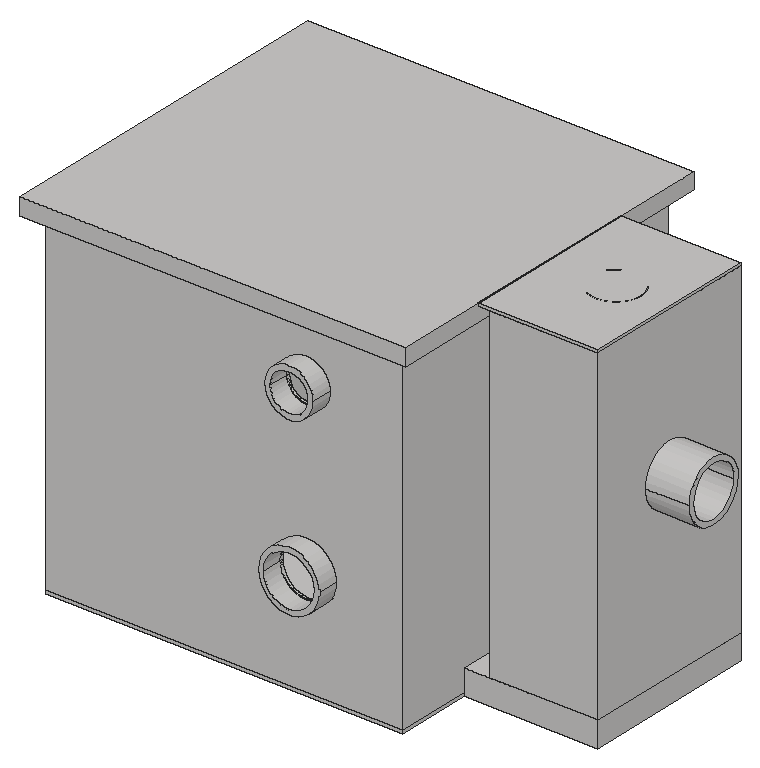
Revit family "Interceptor_Oil-Zurn-Z1186", category Plumbing Fixtures, Revit 2022
Family settings
  Round Connector Dimension = Use Radius
  Part Type = Normal
  OmniClass Number = 23.45.30.00
  OmniClass Title = Washing and Waste Disposal Equipment
  Work Plane-Based = No
  Always vertical = Yes
  Cut with Voids When Loaded = No
  Maintain Annotation Orientation = No
  Shared = No
  Room Calculation Point = No
Parameters (values of type "Z1186-400 (2 Inch 15 G.P.M)")
  Width of Body (G) = 14.125"
  Water Capacity Gal (L) = 9.000"
  Waste Connection = 1 = 1  # yes
  WFU = 1  # constant formula
  Vent Radius = 0.750"  # constant formula
  Vent Connection = 1 = 0  # no
  URL = "www.zurn.com"
  Sanitary Radius = 1.000"  # constant formula
  Product data url = "https://www.bimobject.com/en-in/zurnindustries/product/zurn-z1186"
  Product Page URL = "https://www.zurn.com/products/drainage-interceptors/interceptors/oils-and-solids-interceptor/z1186"
  Product Installation Sheet URL = "https://files.zurn.com/care-cleaning-install-warranty-sheets/it84.pdf"
  Product Documentation Link = "https://files.zurn.com/spec-sheets/z1186.pdf"
  Overall Length (F) = 22.750"
  Modified Date = "08/22/25"  # constant formula
  Model = "Z1186"  # constant formula
  Manufacurer Brand = "Zurn"  # constant formula
  Manufacturer = "Zurn Water, LLC"  # constant formula
  Main Material = Steel - Zurn - Fabricated - Acid resistant Coated
  Inlet/Outlet Diameter (Nominal) = 1.000"
  Inlet/Outlet Diameter (Actual) = 1.188"
  Inlet/Outlet Connetor Radius = 1.000"
  Inlet/Outlet (D/E) = 8.125"
  Height of Body (C) = 14.000"
  HWFU = 0  # constant formula
  HW Connection = 1 = 0  # no
  Extented Box Length = 7.000"  # constant formula
  Extension Box Width = 4.687"  # constant formula
  Dimension (M) = 4.375"
  Dimension (K) = 11.000"
  Dimension (H) = 10.750"
  Description = "OIL INTERCEPTOR"  # constant formula
  Default Elevation = 25.000"  # constant formula
  Date Created = "10/23/25"  # constant formula
  CWFU = 0  # constant formula
  CW Connection = 1 = 0  # no
  Assembly Code = "D2090300"
  Approx. Weight (Lbs) = 77.000"
Types (6): name | Width of Body (G) | Water Capacity Gal (L) | Overall Length (F) | Inlet/Outlet Diameter (Nominal) | Inlet/Outlet Diameter (Actual) | Inlet/Outlet Connetor Radius | Inlet/Outlet (D/E) | Height of Body (C) | Dimension (M) | Dimension (K) | Dimension (H) | Approx. Weight (Lbs)
  (no name) | 14.125" | 9.000" | 22.750" | 1.000" | 1.188" | 1.000" | 8.125" | 14.000" | 4.375" | 11.000" | 10.750" | 77.000"
  Z1186-400 (2 Inch 15 G.P.M) | 14.125" | 9.000" | 22.750" | 1.000" | 1.188" | 1.000" | 8.125" | 14.000" | 4.375" | 11.000" | 10.750" | 77.000"
  Z1186-500 (3 Inch 20 G.P.M) | 16.750" | 10.000" | 24.625" | 1.500" | 1.750" | 1.500" | 9.375" | 15.500" | 5.500" | 12.500" | 13.250" | 106.000"
  Z1186-600 (3 Inch 25 G.P.M) | 17.250" | 16.000" | 27.500" | 1.500" | 1.750" | 1.500" | 11.750" | 18.250" | 6.250" | 15.250" | 15.500" | 116.000"
  Z1186-700 (3 Inch 35 G.P.M) | 19.875" | 21.000" | 29.875" | 1.500" | 1.750" | 1.500" | 12.500" | 19.750" | 6.375" | 16.750" | 15.875" | 140.000"
  Z1186-800 (3 Inch 50 G.P.M) | 22.500" | 30.000" | 31.750" | 1.500" | 1.750" | 1.500" | 14.250" | 24.250" | 8.125" | 21.250" | 16.875" | 140.000"
Reference planes (in)
  plane 1 "Center (Front/Back)": y = 0
  plane 2: z = 0
  plane 3 "Center (Left/Right)": x = 0
  plane 4: x = -11.375
  plane 5: x = 11.375
  plane 6: z = -0.12525
  plane 7: z = -13.219
  plane 8: x = 4.2495
  plane 9: x = -9.5
  plane 10: z = 0.125
  plane 11: x = -10.1875
  plane 12: z = 0.656
  plane 13: z = -13.344
  plane 14: x = 4.9375
  plane 15: x = 9.6245
  plane 16: z = 0.56225
  plane 17: z = -12.344
  plane 18: x = 4.3745
  plane 19: z = -13.219
  plane 20: x = -9.625
  plane 21: x = 5.375
  plane 22: x = 7.5315
  plane 23: z = -5.219
  plane 24: z = -8.969
  plane 25: z = -2.344
  plane 26: x = 0.5625
  plane 27: z = -0.125
  plane 28: z = -13.094
  plane 29: x = 4.2495
  plane 30: x = -9.5
  plane 31: y = -14.125
  plane 32: y = -7.0625
  plane 33: y = -0.5625
  plane 34: y = -13.5625
  plane 35: y = -0.6875
  plane 36: y = -13.4375
  plane 37: y = -5.8745
  plane 38: z = -4.031
  plane 39: z = -6.407
  plane 40: y = -3.5625
  plane 41: y = -10.5625
  plane 42: y = -8.2505
  plane 43: y = -14.375
  plane 44: y = 0.25
  plane 45: x = -0.625
  plane 46: x = 1.75
  plane 47: x = -0.3875
  plane 48: x = 1.5125
  plane 49: z = -1.394
  plane 50: z = -3.294
  plane 51: z = -7.7815
  plane 52: z = -10.1565
Forms (in)
  Extrusion 1, solid, material "Steel - Zurn - Fabricated - Acid resistant Coated" <- "Main Material", detail levels fine
    sketch origin (0, 0, -13.344) x (1, 0, 0) y (0, 0, 1)
      loop
        line (-10.1875, 14) -> (-10.1875, 13.344) -> (4.9375, 13.344) -> (4.9375, 14) -> (-10.1875, 14)
    from 0 to 14.125
  Extrusion 2, solid, material "Steel - Zurn - Fabricated - Acid resistant Coated" <- "Main Material", detail levels fine
    sketch origin (11.125, 0, -11.9065) x (1, 0, 0) y (0, 1, 0)
      loop
        line (-5.75, -3.5625) -> (-5.75, -10.5625) -> (-1.5005, -10.5625) -> (-1.5005, -3.5625) -> (-5.75, -3.5625)
    from -0.4375 to 12.46875
  Extrusion 3, solid, material "Steel - Zurn - Fabricated - Acid resistant Coated" <- "Main Material", detail levels fine
    sketch origin (0, 0, -13.344) x (0, 1, 0) y (0, 0, 1)
      loop
        circle (-7.0625, 8.125) r 1.188
    from -11.375 to -9.625
  Extrusion 4, solid, material "Steel - Zurn - Fabricated - Acid resistant Coated" <- "Main Material", detail levels fine
    sketch origin (2.6255, -1.53679, -13.344) x (1, 0, 0) y (0, 0, 1)
      loop
        line (1.749, 1) -> (1.749, 0) -> (6.999, 0) -> (6.999, 1) -> (1.749, 1)
    from 2.02571 to 9.02571
  Extrusion 5, void, detail levels fine
    sketch origin (0, 0, -13.344) x (1, 0, 0) y (0, 0, 1)
      loop
        line (-9.5, 13.21875) -> (-9.5, 0.125) -> (4.2495, 0.125) -> (4.2495, 13.21875) -> (-9.5, 13.21875)
    from 0.6875 to 13.4375
  Extrusion 6, solid, material "Steel - Zurn - Fabricated - Acid resistant Coated" <- "Main Material", detail levels fine
    sketch origin (-27.24362, -180, -5.094) x (-1, 0, 0) y (0, -1, 0)
      loop
        circle (-34.77512, -172.9375) r 1
    from 5.094 to 5.75
  Extrusion 7, solid, material "Steel - Zurn - Fabricated - Acid resistant Coated" <- "Main Material", detail levels fine
    sketch origin (0, -14.125, -13.344) x (1, 0, 0) y (0, 0, 1)
      loop
        line (4.9375, 14) -> (4.9375, 13.90625) -> (9.6245, 13.90625) -> (9.6245, 14) -> (4.9375, 14)
    from -10.5625 to -3.5625
  Extrusion 8, solid, material "Steel - Zurn - Fabricated - Acid resistant Coated" <- "Main Material", detail levels fine
    sketch origin (0, -14.125, -13.344) x (1, 0, 0) y (0, 0, 1)
      loop
        circle (0.5625, 11) r 0.95
    from -14.375 to 0.25
  Extrusion 9, solid, material "Steel - Zurn - Fabricated - Acid resistant Coated" <- "Main Material", detail levels fine
    sketch origin (0, -14.125, -13.344) x (1, 0, 0) y (0, 0, 1)
      loop
        circle (0.5625, 4.375) r 1.1875
    from -14.375 to 0.25
  Extrusion 10, solid, material "Steel - Zurn - Fabricated - Acid resistant Coated" <- "Main Material", detail levels fine
    sketch origin (0, -14.125, -13.344) x (1, 0, 0) y (0, 0, 1)
      loop
        line (-9.625, 0.125) -> (-9.625, 0) -> (4.3745, 0) -> (4.3745, 0.125) -> (-9.625, 0.125)
    from -0.5625 to -13.5625
  Extrusion 11, solid, material "Steel - Zurn - Fabricated - Acid resistant Coated" <- "Main Material", detail levels fine
    sketch origin (0, -14.125, -13.344) x (1, 0, 0) y (0, 0, 1)
      loop
        line (-9.625, 13.344) -> (-9.625, 0.125) -> (4.3745, 0.125) -> (4.3745, 13.344) -> (-9.625, 13.344)
    from -0.5625 to -13.5625
  Extrusion 12, void, detail levels fine
    sketch origin (0, 0, 0) x (1, 0, 0) y (0, 1, 0)
      loop
        line (-9.5, -0.6875) -> (-9.5, -13.4375) -> (4.2495, -13.4375) -> (4.2495, -0.6875) -> (-9.5, -0.6875)
    from -13.094 to -0.125
  Extrusion 13, solid, material "Steel - Zurn - Fabricated - Acid resistant Coated" <- "Main Material", detail levels fine
    sketch origin (0, 0, -13.344) x (0, 1, 0) y (0, 0, -1)
      loop
        circle (-7.063, -8.125) r 1.188
    from -11.375 to -9.625
  Extrusion 14, void, detail levels fine
    sketch origin (0, 0, 0) x (0, 1, 0) y (0, 0, 1)
      loop
        circle (-7.063, -5.219) r 1
    from 9.6245 to 11.375
  Extrusion 15, void, detail levels fine
    sketch origin (0, 0, 0) x (0, 1, 0) y (0, 0, 1)
      loop
        circle (-7.063, -5.219) r 1
    from -11.375 to -9.625
  Extrusion 16, void, detail levels fine
    sketch origin (0, 0, 0) x (1, 0, 0) y (0, 0, 1)
      loop
        circle (0.5625, -2.344) r 0.75
    from -0.25 to 14.375
  Extrusion 17, void, detail levels fine
    sketch origin (0, 0, 0) x (1, 0, 0) y (0, 0, 1)
      loop
        circle (0.5625, -8.969) r 1
    from -0.25 to 14.375
Cuts and joins
  Extrusion 12, Extrusion 14, Extrusion 15, Extrusion 16, Extrusion 17 cuts Extrusion 11
  Extrusion 5, Extrusion 16 cuts Extrusion 8
  Extrusion 5, Extrusion 17 cuts Extrusion 9
  Extrusion 5 cuts Extrusion 10
  Extrusion 12 cuts Extrusion 1
  Extrusion 14, Extrusion 15 cuts Extrusion 2
  Extrusion 14, Extrusion 15 cuts Extrusion 13
  Extrusion 15 cuts Extrusion 3
Lines and regions (in)
  Masking region 1, detail levels fine
    outline origin (-13.68806, -180, -8.969) x (-1, 0, 0) y (0, -1, 0)
      loop
        line (-2.31306, -174.1255) -> (-2.31306, -171.7495) -> (-3.50056, -171.7495) -> (-3.50056, -165.875) -> (-13.06306, -165.875) -> (-13.06306, -165.625) -> (-15.43806, -165.625) -> (-15.43806, -165.875) -> (-18.62556, -165.875) -> (-18.62556, -169.4375) -> (-23.31256, -169.4375) -> (-23.31256, -171.7495) -> (-25.06306, -171.7495) -> (-25.06306, -174.1255) -> (-23.31256, -174.1255) -> (-23.31256, -176.4375) -> (-18.62556, -176.4375) -> (-18.62556, -180) -> (-15.43806, -180) -> (-15.43806, -180.25) -> (-13.06306, -180.25) -> (-13.06306, -180) -> (-3.50056, -180) -> (-3.50056, -174.1255) -> (-2.31306, -174.1255)
  model lines, detail levels coarse+medium
    curve 1: line (-10.1875, 0, 0.656) -> (9.6245, 0, 0.656)
    curve 2: line (-10.1875, -14.125, 0.656) -> (9.6245, -14.125, 0.656)
    curve 3: line (-10.1875, 0, 0.656) -> (-10.1875, -14.125, 0.656)
    curve 4: line (9.6245, 0, 0.656) -> (9.6245, -14.125, 0.656)
    curve 5: line (-10.1875, -7.0625, 0.656) -> (9.6245, -7.0625, 0.656)
    curve 6: line (-10.1875, -7.0625, 0.656) -> (-10.1875, -7.0625, 0)
    curve 7: line (-10.1875, -7.0625, 0) -> (-9.625, -7.0625, 0)
    curve 8: line (-9.625, -7.0625, 0) -> (-9.625, -7.0625, -13.344)
    curve 9: line (-9.625, -7.0625, -13.344) -> (9.6245, -7.0625, -13.344)
    curve 10: line (9.6245, -7.0625, 0.656) -> (9.6245, -7.0625, -13.344)
    curve 11: line (-11.375, -7.0625, -5.219) -> (11.375, -7.0625, -5.219)
    curve 12: line (11.375, -5.8745, -5.219) -> (11.375, -8.2505, -5.219)
    curve 13: line (11.375, -7.0625, -4.031) -> (11.375, -7.0625, -6.407)
    curve 14: line (-11.375, -7.0625, -4.031) -> (-11.375, -7.0625, -6.407)
    curve 15: line (-11.375, -5.8745, -5.219) -> (-11.375, -8.2505, -5.219)
    curve 16: line (0.5625, 0.25, -2.344) -> (0.5625, -14.375, -2.344)
    curve 17: line (0.5625, 0.25, -8.969) -> (0.5625, -14.375, -8.969)
    curve 18: line (-0.3875, 0.25, -2.344) -> (1.5125, 0.25, -2.344)
    curve 19: line (-0.3875, -14.375, -2.344) -> (1.5125, -14.375, -2.344)
    curve 20: line (-0.625, -14.375, -8.969) -> (1.75, -14.375, -8.969)
    curve 21: line (-0.625, 0.25, -8.969) -> (1.75, 0.25, -8.969)
    curve 22: line (0.5625, 0.25, -1.394) -> (0.5625, 0.25, -3.294)
    curve 23: line (0.5625, -14.375, -1.394) -> (0.5625, -14.375, -3.294)
    curve 24: line (0.5625, -14.375, -7.7815) -> (0.5625, -14.375, -10.1565)
    curve 25: line (0.5625, 0.25, -7.7815) -> (0.5625, 0.25, -10.1565)
  symbolic lines, detail levels coarse+medium
    curve 26: line (-10.1875, -7.0625, 0.656) -> (9.6245, -7.0625, 0.656)
    curve 27: line (-10.1875, -7.0625, 0.656) -> (-10.1875, -7.0625, 0)
    curve 28: line (-10.1875, -7.0625, 0) -> (-9.625, -7.0625, 0)
    curve 29: line (-9.625, -7.0625, 0) -> (-9.625, -7.0625, -13.344)
    curve 30: line (-9.625, -7.0625, -13.344) -> (9.6245, -7.0625, -13.344)
    curve 31: line (9.6245, -7.0625, 0.656) -> (9.6245, -7.0625, -13.344)
    curve 32: line (-11.375, -7.0625, -5.219) -> (11.375, -7.0625, -5.219)
    curve 33: line (11.375, -7.0625, -4.031) -> (11.375, -7.0625, -6.407)
    curve 34: line (-11.375, -7.0625, -4.031) -> (-11.375, -7.0625, -6.407)
    curve 35: line (0.5625, -7.0625, 0.656) -> (0.5625, -7.0625, -13.344)
    curve 36: line (-0.3875, -7.0625, -2.344) -> (1.5125, -7.0625, -2.344)
    curve 37: line (-0.625, -7.0625, -8.969) -> (1.75, -7.0625, -8.969)
    curve 38: line (0.5625, 0, 0.656) -> (0.5625, -14.125, 0.656)
    curve 39: line (0.5625, -0.5625, 0) -> (0.5625, -0.5625, -13.344)
    curve 40: line (0.5625, -13.5625, 0) -> (0.5625, -13.5625, -13.344)
    curve 41: line (0.5625, -14.125, 0.656) -> (0.5625, -14.125, 0)
    curve 42: line (0.5625, -14.125, 0) -> (0.5625, -13.5625, 0)
    curve 43: line (0.5625, 0, 0.656) -> (0.5625, 0, 0)
    curve 44: line (0.5625, 0, 0) -> (0.5625, -0.5625, 0)
    curve 45: line (0.5625, -0.5625, -13.344) -> (0.5625, -13.5625, -13.344)
    curve 46: line (0.5625, 0.25, -8.969) -> (0.5625, -14.375, -8.969)
    curve 47: line (0.5625, 0.25, -2.344) -> (0.5625, -14.375, -2.344)
    curve 48: line (0.5625, 0.25, -1.394) -> (0.5625, 0.25, -3.294)
    curve 49: line (0.5625, -14.375, -1.394) -> (0.5625, -14.375, -3.294)
    curve 50: line (0.5625, -14.375, -7.7815) -> (0.5625, -14.375, -10.1565)
    curve 51: line (0.5625, 0.25, -7.7815) -> (0.5625, 0.25, -10.1565)
    curve 52: line (0.5625, -5.8745, -5.219) -> (0.5625, -8.2505, -5.219)
    curve 53: line (0.5625, -7.0625, 0.656) -> (0.5625, -7.0625, -13.344)
    curve 54: line (4.9375, 0, -8.969) -> (4.9375, -3.5625, -8.969)
    curve 55: line (4.9375, -3.5625, -8.969) -> (9.6245, -3.5625, -8.969)
    curve 56: line (9.6245, -3.5625, -8.969) -> (9.6245, -5.8745, -8.969)
    curve 57: line (9.6245, -8.2505, -8.969) -> (9.6245, -10.5625, -8.969)
    curve 58: line (11.375, -5.8745, -8.969) -> (11.375, -8.2505, -8.969)
    curve 59: line (9.6245, -5.8745, -8.969) -> (11.375, -5.8745, -8.969)
    curve 60: line (9.6245, -8.2505, -8.969) -> (11.375, -8.2505, -8.969)
    curve 61: line (4.9375, -10.5625, -8.969) -> (9.6245, -10.5625, -8.969)
    curve 62: line (4.9375, -10.5625, -8.969) -> (4.9375, -14.125, -8.969)
    curve 63: line (-10.1875, -14.125, -8.969) -> (-0.625, -14.125, -8.969)
    curve 64: line (-0.625, -14.125, -8.969) -> (-0.625, -14.375, -8.969)
    curve 65: line (1.75, -14.125, -8.969) -> (1.75, -14.375, -8.969)
    curve 66: line (-0.625, -14.375, -8.969) -> (1.75, -14.375, -8.969)
    curve 67: line (-10.1875, -8.2505, -8.969) -> (-10.1875, -14.125, -8.969)
    curve 68: line (-11.375, -5.8745, -8.969) -> (-11.375, -8.2505, -8.969)
    curve 69: line (-10.1875, 0, -8.969) -> (-10.1875, -5.8745, -8.969)
    curve 70: line (-10.1875, 0, -8.969) -> (-0.625, 0, -8.969)
    curve 71: line (-0.625, 0.25, -8.969) -> (-0.625, 0, -8.969)
    curve 72: line (1.75, 0.25, -8.969) -> (1.75, 0, -8.969)
    curve 73: line (-0.625, 0.25, -8.969) -> (1.75, 0.25, -8.969)
    curve 74: circle (7.5315, -7.0625, -8.969) r 1 normal (0, 0, 1)
    curve 75: line (1.75, -14.125, -8.969) -> (4.9375, -14.125, -8.969)
    curve 76: line (1.75, 0, -8.969) -> (4.9375, 0, -8.969)
    curve 77: line (-11.375, -5.8745, -8.969) -> (-10.1875, -5.8745, -8.969)
    curve 78: line (-11.375, -8.2505, -8.969) -> (-10.1875, -8.2505, -8.969)
Dimensions and locks (in)
  equal spacing: plane 5, plane 3 "Center (Left/Right)", plane 4
  "Overall Length (F)": plane 5 to plane 4
  plane 11 to plane 4 = 1.1875"
  locked: plane 12 to level at 0.656
  "Height of Body (C)": plane 12 to plane 13
  "Extension Box Width": plane 15 to plane 14
  plane 12 to plane 16 = 0.09375"
  plane 17 to plane 13 = 1.000"
  plane 19 to plane 13 = 0.125"
  plane 22 to plane 14 = 2.594"
  "Inlet/Outlet (D/E)": plane 23 to plane 13
  "Dimension (M)": plane 24 to plane 13
  "Dimension (K)": plane 25 to plane 13
  "Dimension (H)": plane 26 to plane 11
  plane 20 to plane 11 = 0.5625"
  plane 14 to plane 18 = 0.563"
  plane 5 to plane 15 = 1.7505"
  plane 30 to plane 20 = 0.125"
  level to plane 27 = 0.125"
  plane 28 to plane 19 = 0.125"
  plane 4 to plane 5 = 22.750"
  "Width of Body (G)": plane 31 to plane 1 "Center (Front/Back)"
  equal spacing: plane 31, plane 32, plane 1 "Center (Front/Back)"
  plane 18 to plane 29 = 0.125"
  plane 36 to plane 34 = 0.125"
  plane 33 to plane 35 = 0.125"  (x2)
  "Width of Body (G)": plane 1 "Center (Front/Back)" to plane 31
  "Inlet/Outlet Diameter (Actual)": plane 37 to plane 32
  "Inlet/Outlet Diameter (Actual)": plane 38 to plane 23
  "Inlet/Outlet Diameter (Actual)": plane 23 to plane 39
  plane 40 to plane 32 = 3.500"
  plane 32 to plane 41 = 3.500"
  "Extented Box Length": plane 40 to plane 41
  "Inlet/Outlet Diameter (Actual)": plane 42 to plane 32
  plane 41 to plane 40 = 7.000"
  plane 43 to plane 34 = 0.8125"
  plane 33 to plane 44 = 0.8125"
  plane 21 to plane 14 = 0.4375"
  locked: plane 34 to plane 31 at 0.5625
  locked: plane 1 "Center (Front/Back)" to plane 33 at 0.5625
  plane 47 to plane 26 = 0.950"
  plane 45 to plane 26 = 1.1875"
  plane 26 to plane 48 = 0.950"
  plane 26 to plane 46 = 1.1875"
  plane 49 to plane 25 = 0.950"
  plane 25 to plane 50 = 0.950"
  plane 51 to plane 24 = 1.1875"
  plane 24 to plane 52 = 1.1875"
  "Inlet/Outlet Diameter (Actual)": radius of Extrusion 3 sketch curve
  "Inlet/Outlet Diameter (Actual)": radius of Extrusion 13 sketch curve
  "Inlet/Outlet Diameter (Nominal)": radius of Extrusion 14 sketch curve
  "Inlet/Outlet Diameter (Nominal)": radius of Extrusion 15 sketch curve
  radius of Extrusion 8 sketch curve = 0.950"
  radius of Extrusion 9 sketch curve = 1.1875"
  radius of Extrusion 16 sketch curve = 0.750"
  radius of Extrusion 17 sketch curve = 1.000"
  aligned and locked: plane 2 to level
  aligned and locked: Extrusion 5 sketch curve to plane 6
  aligned and locked: plane 9 to Extrusion 5 sketch curve
  aligned and locked: plane 7 to Extrusion 5 sketch curve
  aligned and locked: Extrusion 5 sketch curve to plane 8
  aligned and locked: plane 12 to Extrusion 1  (x2)
  aligned and locked: Extrusion 1 to plane 11  (x2)
  aligned and locked: plane 14 to Extrusion 1  (x2)
  aligned and locked: plane 12 to Extrusion 7
  aligned and locked: Extrusion 7 to plane 16
  aligned and locked: Extrusion 6 to level
  aligned and locked: plane 17 to Extrusion 4  (x2)
  aligned and locked: plane 15 to Extrusion 4  (x4)
  aligned and locked: plane 18 to cut or joined group of Extrusion 11, Extrusion 12, Extrusion 14, Extrusion 15, Extrusion 16, Extrusion 17  (x3)
  aligned and locked: Extrusion 4 to plane 18  (x2)
  aligned and locked: plane 18 to cut or joined group of Extrusion 5, Extrusion 10  (x2)
  aligned and locked: plane 19 to cut or joined group of Extrusion 5, Extrusion 10  (x2)
  aligned and locked: cut or joined group of Extrusion 5, Extrusion 10 to plane 13
  aligned and locked: Extrusion 4 to plane 13
  aligned and locked: cut or joined group of Extrusion 11, Extrusion 12, Extrusion 14, Extrusion 15, Extrusion 16, Extrusion 17 to plane 19
  aligned and locked: Extrusion 1 to level
  aligned and locked: Extrusion 7 to plane 14  (x2)
  aligned and locked: plane 15 to Extrusion 7  (x2)
  aligned and locked: plane 12 to Extrusion 6
  aligned and locked: level to Extrusion 6
  aligned and locked: Extrusion 11 sketch curve to level
  aligned and locked: plane 20 to Extrusion 11 sketch curve
  aligned and locked: Extrusion 11 sketch curve to plane 18
  aligned and locked: plane 19 to Extrusion 11 sketch curve
  aligned and locked: plane 31 to Extrusion 1
  aligned and locked: Extrusion 1 to plane 1 "Center (Front/Back)"
  aligned and locked: plane 22 to Extrusion 6 sketch curve
  aligned and locked: plane 32 to Extrusion 6 sketch curve
  aligned and locked: plane 34 to cut or joined group of Extrusion 11, Extrusion 12, Extrusion 14, Extrusion 15, Extrusion 16, Extrusion 17
  aligned and locked: plane 33 to cut or joined group of Extrusion 11, Extrusion 12, Extrusion 14, Extrusion 15, Extrusion 16, Extrusion 17
  aligned and locked: cut or joined group of Extrusion 5, Extrusion 10 to plane 20  (x2)
  aligned and locked: Extrusion 12 sketch curve to plane 29
  aligned and locked: plane 36 to Extrusion 12 sketch curve
  aligned and locked: plane 30 to Extrusion 12 sketch curve
  aligned and locked: Extrusion 12 sketch curve to plane 35
  aligned and locked: cut or joined group of Extrusion 11, Extrusion 12, Extrusion 14, Extrusion 15, Extrusion 16, Extrusion 17 to plane 28
  aligned and locked: plane 27 to cut or joined group of Extrusion 11, Extrusion 12, Extrusion 14, Extrusion 15, Extrusion 16, Extrusion 17
  aligned and locked: plane 32 to Extrusion 3 sketch curve
  aligned and locked: plane 23 to Extrusion 3 sketch curve
  aligned and locked: plane 23 to Extrusion 13 sketch curve
  aligned and locked: plane 23 to Extrusion 14 sketch curve
  aligned and locked: Extrusion 14 to Extrusion 2
  aligned and locked: plane 5 to Extrusion 14
  aligned and locked: Extrusion 3 to cut or joined group of Extrusion 11, Extrusion 12, Extrusion 14, Extrusion 15, Extrusion 16, Extrusion 17
  aligned and locked: plane 23 to Extrusion 15 sketch curve
  aligned and locked: Extrusion 3 to Extrusion 15
  aligned and locked: Extrusion 15 to plane 4
  aligned and locked: plane 40 to Extrusion 7
  aligned and locked: Extrusion 7 to plane 41
  aligned and locked: plane 40 to Extrusion 4  (x2)
  aligned and locked: Extrusion 4 to plane 41
  aligned and locked: cut or joined group of Extrusion 2, Extrusion 14, Extrusion 15 to plane 41
  aligned and locked: plane 40 to cut or joined group of Extrusion 2, Extrusion 14, Extrusion 15
  aligned and locked: plane 44 to cut or joined group of Extrusion 5, Extrusion 8, Extrusion 16
  aligned and locked: cut or joined group of Extrusion 5, Extrusion 8, Extrusion 16 to plane 43
  aligned and locked: cut or joined group of Extrusion 5, Extrusion 9, Extrusion 17 to plane 43
  aligned and locked: plane 44 to cut or joined group of Extrusion 5, Extrusion 9, Extrusion 17
  aligned and locked: plane 26 to Extrusion 8 sketch curve
  aligned and locked: plane 25 to Extrusion 8 sketch curve
  aligned and locked: plane 26 to Extrusion 9 sketch curve
  aligned and locked: plane 24 to Extrusion 9 sketch curve
  aligned and locked: plane 5 to cut or joined group of Extrusion 13, Extrusion 14, Extrusion 15
  aligned and locked: cut or joined group of Extrusion 3, Extrusion 15 to plane 4
  aligned and locked: cut or joined group of Extrusion 2, Extrusion 14, Extrusion 15 to plane 21
  aligned and locked: plane 15 to cut or joined group of Extrusion 2, Extrusion 14, Extrusion 15
  aligned and locked: plane 16 to cut or joined group of Extrusion 2, Extrusion 14, Extrusion 15
  aligned and locked: cut or joined group of Extrusion 2, Extrusion 14, Extrusion 15 to plane 17
  aligned and locked: plane 26 to Extrusion 16 sketch curve
  aligned and locked: plane 25 to Extrusion 16 sketch curve
  aligned and locked: plane 26 to Extrusion 17 sketch curve
  aligned and locked: plane 24 to Extrusion 17 sketch curve
  aligned and locked: cut or joined group of Extrusion 5, Extrusion 8, Extrusion 16 to Extrusion 16  (x2)
  aligned and locked: Extrusion 17 to cut or joined group of Extrusion 5, Extrusion 8, Extrusion 16
  aligned and locked: cut or joined group of Extrusion 5, Extrusion 9, Extrusion 17 to Extrusion 17
  aligned and locked: plane 33 to cut or joined group of Extrusion 5, Extrusion 10
  aligned and locked: cut or joined group of Extrusion 5, Extrusion 10 to plane 34
  aligned and locked: plane 11 to curve 1
  aligned and locked: plane 15 to curve 1
  aligned and locked: plane 1 "Center (Front/Back)" to curve 1
  aligned and locked: cut or joined group of Extrusion 1, Extrusion 12 to plane 31
  aligned and locked: plane 31 to curve 3
  aligned and locked: plane 1 "Center (Front/Back)" to curve 4
  aligned and locked: plane 31 to curve 4
  aligned and locked: plane 11 to curve 5
  aligned and locked: curve 5 to plane 32
  aligned and locked: plane 15 to curve 5
  aligned and locked: plane 12 to curve 6
  aligned and locked: level to curve 8
  aligned and locked: plane 4 to curve 11
  aligned and locked: plane 5 to curve 11
  aligned and locked: curve 11 to plane 23
  aligned and locked: plane 37 to curve 12
  aligned and locked: plane 42 to curve 12
  aligned and locked: curve 12 to plane 23
  aligned and locked: plane 38 to curve 13
  aligned and locked: plane 39 to curve 13
  aligned and locked: curve 13 to plane 5
  aligned and locked: plane 38 to curve 14
  aligned and locked: plane 39 to curve 14
  aligned and locked: curve 14 to plane 4
  aligned and locked: plane 37 to curve 15
  aligned and locked: plane 42 to curve 15
  aligned and locked: curve 15 to plane 23
  aligned and locked: plane 44 to curve 16
  aligned and locked: curve 17 to plane 24
  aligned and locked: curve 16 to plane 25
  aligned and locked: plane 47 to curve 18
  aligned and locked: plane 48 to curve 18
  aligned and locked: curve 18 to plane 44
  aligned and locked: plane 47 to curve 19
  aligned and locked: plane 48 to curve 19
  aligned and locked: curve 19 to plane 43
  aligned and locked: plane 45 to curve 20
  aligned and locked: plane 46 to curve 20
  aligned and locked: plane 45 to curve 21
  aligned and locked: curve 21 to plane 44
  aligned and locked: plane 49 to curve 22
  aligned and locked: plane 50 to curve 22
  aligned and locked: plane 44 to curve 22
  aligned and locked: plane 49 to curve 23
  aligned and locked: plane 50 to curve 23
  aligned and locked: plane 43 to curve 23
  aligned and locked: plane 51 to curve 24
  aligned and locked: plane 52 to curve 24
  aligned and locked: plane 43 to curve 24
  aligned and locked: plane 51 to curve 25
  aligned and locked: plane 52 to curve 25
  aligned and locked: plane 44 to curve 25
  aligned and locked: curve 27 to plane 11
  aligned and locked: plane 11 to curve 28
  aligned and locked: curve 28 to level
  aligned and locked: curve 29 to plane 20
  aligned and locked: plane 20 to curve 30
  aligned and locked: plane 15 to curve 30
  aligned and locked: curve 30 to plane 13
  aligned and locked: curve 31 to plane 15
  aligned and locked: curve 32 to plane 23
  aligned and locked: plane 38 to curve 34
  aligned and locked: plane 39 to curve 34
  aligned and locked: curve 34 to plane 4
  aligned and locked: plane 38 to curve 33
  aligned and locked: plane 39 to curve 33
  aligned and locked: curve 33 to plane 5
  aligned and locked: plane 12 to curve 35
  aligned and locked: plane 13 to curve 35
  aligned and locked: curve 35 to plane 26
  aligned and locked: plane 47 to curve 36
  aligned and locked: plane 48 to curve 36
  aligned and locked: curve 36 to plane 25
  aligned and locked: plane 45 to curve 37
  aligned and locked: plane 46 to curve 37
  aligned and locked: curve 37 to plane 24
  aligned and locked: plane 31 to curve 38
  aligned and locked: curve 38 to plane 12
  aligned and locked: level to curve 41
  aligned and locked: plane 34 to curve 42
  aligned and locked: plane 31 to curve 42
  aligned and locked: curve 43 to plane 1 "Center (Front/Back)"
  aligned and locked: plane 1 "Center (Front/Back)" to curve 44
  aligned and locked: plane 33 to curve 44
  aligned and locked: curve 44 to level
  aligned and locked: level to curve 39
  aligned and locked: plane 13 to curve 39
  aligned and locked: level to curve 40
  aligned and locked: plane 33 to curve 45
  aligned and locked: plane 34 to curve 45
  aligned and locked: plane 44 to curve 46
  aligned and locked: plane 43 to curve 46
  aligned and locked: curve 46 to plane 24
  aligned and locked: plane 43 to curve 47
  aligned and locked: curve 47 to plane 25
  aligned and locked: plane 37 to curve 52
  aligned and locked: plane 42 to curve 52
  aligned and locked: curve 52 to plane 23
  aligned and locked: plane 51 to curve 51
  aligned and locked: plane 52 to curve 51
  aligned and locked: plane 44 to curve 51
  aligned and locked: plane 50 to curve 48
  aligned and locked: plane 49 to curve 48
  aligned and locked: plane 44 to curve 48
  aligned and locked: plane 49 to curve 49
  aligned and locked: plane 50 to curve 49
  aligned and locked: plane 43 to curve 49
  aligned and locked: plane 51 to curve 50
  aligned and locked: plane 52 to curve 50
  aligned and locked: plane 43 to curve 50
  aligned and locked: plane 12 to curve 53
  aligned and locked: plane 13 to curve 53
  aligned and locked: plane 32 to curve 53
  aligned and locked: Masking region 1 sketch curve to cut or joined group of Extrusion 3, Extrusion 15
  aligned and locked: Masking region 1 sketch curve to cut or joined group of Extrusion 5, Extrusion 9, Extrusion 17  (x2)
  aligned and locked: cut or joined group of Extrusion 13, Extrusion 14, Extrusion 15 to Masking region 1 sketch curve
  aligned and locked: Masking region 1 sketch curve to Extrusion 7  (x2)
  aligned and locked: plane 1 "Center (Front/Back)" to Masking region 1 sketch curve
  aligned and locked: plane 11 to Masking region 1 sketch curve  (x2)
  aligned and locked: plane 37 to Masking region 1 sketch curve  (x2)
  aligned and locked: plane 42 to Masking region 1 sketch curve  (x2)
  aligned and locked: plane 31 to Masking region 1 sketch curve
  aligned and locked: Masking region 1 sketch curve to plane 14  (x2)
  aligned and locked: Masking region 1 sketch curve to plane 15  (x2)
  aligned and locked: Masking region 1 sketch curve to plane 45
  aligned and locked: Masking region 1 sketch curve to plane 46
  aligned and locked: plane 22 to curve 74
  aligned and locked: plane 32 to curve 74
  aligned and locked: plane 11 to curve 70
  aligned and locked: plane 45 to curve 70
  aligned and locked: plane 1 "Center (Front/Back)" to curve 70
  aligned and locked: plane 1 "Center (Front/Back)" to curve 71
  aligned and locked: plane 44 to curve 72
  aligned and locked: curve 72 to plane 46
  aligned and locked: plane 14 to curve 55
  aligned and locked: plane 15 to curve 55
  aligned and locked: curve 55 to plane 40
  aligned and locked: plane 1 "Center (Front/Back)" to curve 54
  aligned and locked: curve 54 to plane 14
  aligned and locked: plane 40 to curve 56
  aligned and locked: plane 37 to curve 56
  aligned and locked: plane 15 to curve 59
  aligned and locked: plane 37 to curve 69
  aligned and locked: plane 42 to curve 67
  aligned and locked: plane 11 to curve 63
  aligned and locked: curve 63 to plane 31
  aligned and locked: plane 31 to curve 64
  aligned and locked: curve 64 to plane 45
  aligned and locked: plane 43 to curve 65
  aligned and locked: curve 65 to plane 46
  aligned and locked: curve 66 to plane 43
  aligned and locked: plane 14 to curve 75
  aligned and locked: curve 75 to plane 31
  aligned and locked: plane 31 to curve 62
  aligned and locked: plane 41 to curve 62
  aligned and locked: plane 15 to curve 61
  aligned and locked: plane 14 to curve 61
  aligned and locked: plane 42 to curve 57
  aligned and locked: plane 41 to curve 57
  aligned and locked: plane 15 to curve 60
  aligned and locked: plane 5 to curve 60
  aligned and locked: plane 42 to curve 58
  aligned and locked: plane 37 to curve 58
  aligned and locked: plane 46 to curve 76
  aligned and locked: plane 1 "Center (Front/Back)" to curve 76
  aligned and locked: plane 11 to curve 77
  aligned and locked: plane 37 to curve 77
  aligned and locked: plane 4 to curve 78
  aligned and locked: plane 11 to curve 78
  aligned and locked: curve 78 to plane 42
Automatic sketch dimensions
  Extrusion 1 sketch curve to level = 0.000"
  Extrusion 1 sketch curve to plane 11 = 0.000"
  Extrusion 1 sketch curve to plane 14 = 0.000"
  Extrusion 1 sketch curve to plane 12 = 0.000"
  Extrusion 2 sketch curve to plane 21 = 0.000"
  Extrusion 2 sketch curve to plane 15 = 0.000"
  Extrusion 2 sketch curve to plane 41 = 0.000"
  plane 40 to Extrusion 2 sketch curve = 0.000"
  Extrusion 4 sketch curve to plane 13 = 0.000"
  Extrusion 4 sketch curve to plane 18 = 0.000"
  Extrusion 4 sketch curve to plane 15 = 0.000"
  Extrusion 4 sketch curve to plane 17 = 0.000"
  Extrusion 7 sketch curve to Extrusion 1 = 0.000"  (x2)
  Extrusion 7 sketch curve to Extrusion 1 = 0.09375"
  Extrusion 1 to Extrusion 7 sketch curve = 4.687"
  Extrusion 10 sketch curve to Extrusion 1 = 0.5625"
  Extrusion 10 sketch curve to Extrusion 1 = 0.563"
  Extrusion 1 to Extrusion 10 sketch curve = 13.344"
  Extrusion 10 sketch curve to Extrusion 10 sketch curve = 0.125"
  Extrusion 13 sketch curve to plane 32 = 0.0005"
  plane 1 "Center (Front/Back)" to Masking region 1 sketch curve = 0.000"
  Masking region 1 sketch curve to plane 46 = 0.000"
  Masking region 1 sketch curve to plane 45 = 0.000"
  Masking region 1 sketch curve to plane 31 = 0.000"
  Extrusion 14 sketch curve to plane 32 = 0.0005"
  Extrusion 15 sketch curve to plane 32 = 0.0005"
  radius of Extrusion 6 sketch curve = 1.000"
  radius of curve 74 = 1.000"
Connectors (in)
  piping at (11.375, -7.063, -5.219), diameter 2, driven by "Inlet/Outlet Connetor Radius", driven by "Waste Connection"
    settings: on cut or joined group of Extrusion 13, Extrusion 14, Extrusion 15, index 1, connector inside diameter 24", connector length 0.000", flow factor 0, pipe flow 0 GPM, pressure drop 0.00 psi, fitting loss kfactor 0, connector angle 0.00°, fixture units 0, engagement length 0.000", angle of deflection 0.00°, flow configuration 0, flow direction 2, fitting loss method 0, system type 16, joint type 0, gender type 0, connector reference index -1, connector utility 1, adjustable connector no, is connector primary yes, connector description "Outlet Connection"
  piping at (-11.375, -7.063, -5.219), diameter 2, driven by "Inlet/Outlet Connetor Radius", driven by "Waste Connection"
    settings: on cut or joined group of Extrusion 3, Extrusion 15, index 2, connector inside diameter 24", connector length 0.000", flow factor 0, pipe flow 0 GPM, pressure drop 0.00 psi, fitting loss kfactor 0, connector angle 0.00°, fixture units 0, engagement length 0.000", angle of deflection 0.00°, flow configuration 0, flow direction 1, fitting loss method 0, system type 16, joint type 0, gender type 0, connector reference index -1, connector utility 1, adjustable connector no, is connector primary no, connector description "Inlet Connection"
  piping at (0.5625, -14.375, -2.344), diameter 1.5, driven by "Vent Radius", driven by "Vent Connection"
    settings: on cut or joined group of Extrusion 5, Extrusion 8, Extrusion 16, index 3, connector inside diameter 24", connector length 0.000", flow factor 0, pipe flow 0 GPM, pressure drop 0.00 psi, fitting loss kfactor 0, connector angle 0.00°, fixture units 0, engagement length 0.000", angle of deflection 0.00°, flow configuration 0, flow direction 2, fitting loss method 0, system type 17, joint type 0, gender type 0, connector reference index -1, connector utility 0, adjustable connector no, is connector primary no, connector description "Vent Connection"
  piping at (0.5625, 0.25, -2.344), diameter 1.5, driven by "Vent Radius", driven by "Vent Connection"
    settings: on cut or joined group of Extrusion 5, Extrusion 8, Extrusion 16, index 4, connector inside diameter 24", connector length 0.000", flow factor 0, pipe flow 0 GPM, pressure drop 0.00 psi, fitting loss kfactor 0, connector angle 0.00°, fixture units 0, engagement length 0.000", angle of deflection 0.00°, flow configuration 0, flow direction 2, fitting loss method 0, system type 17, joint type 0, gender type 0, connector reference index -1, connector utility 0, adjustable connector no, is connector primary no, connector description "Vent Connection"
  piping at (0.5625, -14.375, -8.969), diameter 2, driven by "Sanitary Radius", driven by "Waste Connection"
    settings: on cut or joined group of Extrusion 5, Extrusion 9, Extrusion 17, index 5, connector inside diameter 24", connector length 0.000", flow factor 0, pipe flow 0 GPM, pressure drop 0.00 psi, fitting loss kfactor 0, connector angle 0.00°, fixture units 0, engagement length 0.000", angle of deflection 0.00°, flow configuration 0, flow direction 2, fitting loss method 0, system type 16, joint type 0, gender type 0, connector reference index -1, connector utility 1, adjustable connector no, is connector primary no, connector description "Outlet Connection"
  piping at (0.5625, 0.25, -8.969), diameter 2, driven by "Sanitary Radius", driven by "Waste Connection"
    settings: on cut or joined group of Extrusion 5, Extrusion 9, Extrusion 17, index 6, connector inside diameter 24", connector length 0.000", flow factor 0, pipe flow 0 GPM, pressure drop 0.00 psi, fitting loss kfactor 0, connector angle 0.00°, fixture units 0, engagement length 0.000", angle of deflection 0.00°, flow configuration 0, flow direction 2, fitting loss method 0, system type 16, joint type 0, gender type 0, connector reference index -1, connector utility 1, adjustable connector no, is connector primary no, connector description "Outlet Connection"
